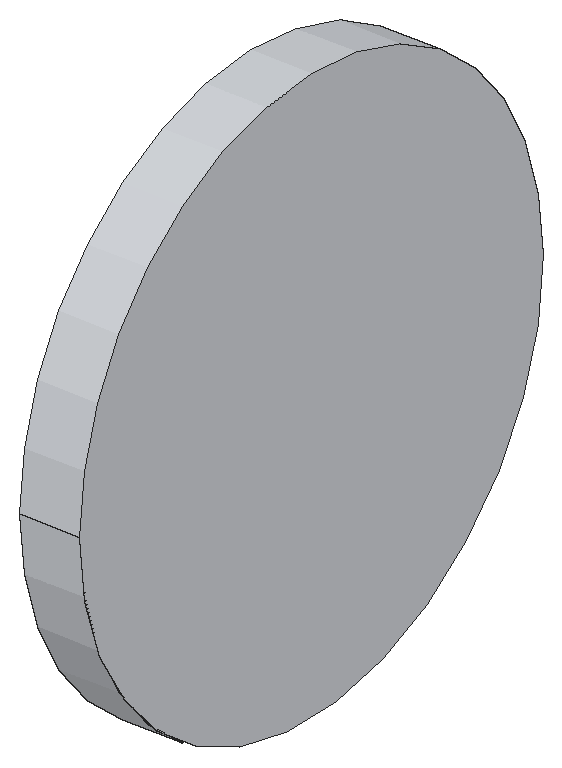
Revit family "8ed48f52d7c942f692763592f070e33d", category Pipe Fittings, Revit 2021
Family settings
  Round Connector Dimension = Use Radius
  Part Type = Flange
  OmniClass Number = 23.60.30.11.14
  OmniClass Title = Pipework Fittings
  Seek Item ID = Flange - Threaded - GI - Class 250-0000-USA-ENU
  Work Plane-Based = No
  Always vertical = Yes
  Cut with Voids When Loaded = No
  Shared = No
Parameters (values of type "Standard")
  Tick Size [instance] = Flange Diameter * 0.4  # 2.4000"
  Nominal Radius [instance] = 1.0000"
  Nominal Diameter [instance] = Nominal Radius * 2  # 2.0000"
  Loss Method = Not Defined
  Lookup Table Name = "Flange - Ring - Stainless Steel - Class 150"
  Flange Thickness [instance] = size_lookup(Lookup Table Name, "FThk", 0.03 * Nominal Diameter + 0.5200", Nominal Diameter)  # 0.6250"
  Flange Radius [instance] = Flange Diameter / 2  # 3.0000"
  Flange Diameter [instance] = size_lookup(Lookup Table Name, "FDia", 1.15 * Nominal Diameter + 4.4800", Nominal Diameter)  # 6.0000"
  Default Elevation = 0.0000"
Reference planes (in)
  plane 1 "Center (Front/Back)": y = 0
  plane 2: z = 0
  plane 3 "Center (Left/Right)": x = 0
  plane 4: y = 2.4
  plane 5: y = -2.4
  plane 6: x = 0.625
Forms (in)
  Extrusion 1, solid, detail levels fine
    sketch origin (0, 0, 0) x (0, 1, 0) y (0, 0, 1)
      loop
        circle (0, 0) r 3
    from 0 to 0.625
Lines and regions (in)
  model lines, detail levels coarse+medium
    curve 1: line (0.3125, 2.4, 0) -> (0.3125, -2.4, 0)
  model lines, style "PipeFitting", detail levels coarse+medium
    curve 2: line (0.625, 0, 0) -> (0, 0, 0)
Dimensions and locks (in)
  equal spacing: plane 4, plane 1 "Center (Front/Back)", plane 5
  "Tick Size": plane 4 to plane 1 "Center (Front/Back)"
  "Flange Thickness": plane 3 "Center (Left/Right)" to plane 6
  equal spacing: plane 3 "Center (Left/Right)", curve 1, plane 6
  "Flange Radius": radius of Extrusion 1 sketch curve
  aligned and locked: plane 4 to curve 1
  aligned and locked: plane 5 to curve 1
  aligned and locked: plane 1 "Center (Front/Back)" to curve 2
  aligned and locked: plane 6 to Extrusion 1
  aligned and locked: plane 6 to curve 2
  aligned and locked: Extrusion 1 to plane 3 "Center (Left/Right)"
  aligned and locked: plane 3 "Center (Left/Right)" to curve 2
Automatic sketch dimensions
  Extrusion 1 sketch curve to level = 0.0000"
  Extrusion 1 sketch curve to plane 1 "Center (Front/Back)" = 0.0000"
Connectors (in)
  piping at (0, 0, 0), diameter 2, driven by "Nominal Radius"
    settings: on Extrusion 1, index 1, connector inside diameter 2.0000", connector length 0.0000", flow factor 0, pipe flow 0 GPM, pressure drop 0.00 psi, fitting loss kfactor 0, connector angle 0.00°, fixture units 0, engagement length 0.0000", angle of deflection 0.00°, flow configuration 0, flow direction 0, fitting loss method 0, system type 28, joint type 0, gender type 0, connector reference index 2, connector utility 0, adjustable connector no, is connector primary yes, connector description ""
  piping at (0.625, 0, 0), diameter 2, driven by "Nominal Radius"
    settings: on Extrusion 1, index 2, connector inside diameter 2.0000", connector length 0.0000", flow factor 0, pipe flow 0 GPM, pressure drop 0.00 psi, fitting loss kfactor 0, connector angle 0.00°, fixture units 0, engagement length 0.0000", angle of deflection 0.00°, flow configuration 0, flow direction 0, fitting loss method 0, system type 28, joint type 0, gender type 0, connector reference index 1, connector utility 0, adjustable connector no, is connector primary no, connector description ""
